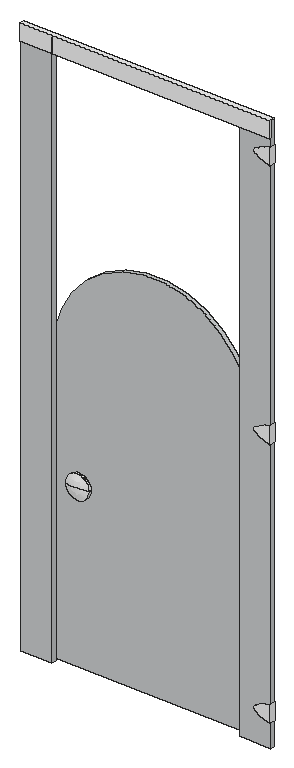
Revit family "NBS_ConceptCubicleSystems_PnlCbclSym_Juno", category Specialty Equipment, Revit 2019
Family settings
  Round Connector Dimension = Use Diameter
  Part Type = Normal
  Work Plane-Based = No
  Always vertical = Yes
  Cut with Voids When Loaded = No
  Shared = No
  Room Calculation Point = No
Parameters (values of type "WallEndEndCubicle")
  WarrantyStartDate [instance] = "1900-12-31T23:59:59"
  WarrantyGuarantorParts = "n/a"
  WarrantyGuarantorLabor = "n/a"
  WarrantyDurationUnit = "year"
  WarrantyDurationParts = "n/a"
  WarrantyDurationLabor = "n/a"
  WarrantyDescription = "n/a"
  Version = "3"  # constant formula
  Uniclass2015Version = "Systems v1.17"
  Uniclass2015Title = "Panel cubicle systems"
  Uniclass2015Code = "Ss_25_12_60_60"
  TagNumber [instance] = "n/a"
  SystemManufacturer = "Concept Cubicle Systems"
  SustainabilityPerformance = "n/a"
  SupportHeight [instance] = if(PartitionUndercut < 2 mm, 2 mm, PartitionUndercut)  # 150 mm
  Style = "Cubicle"
  Status = "UNSET"
  Size = "1500 x 1950 mm"
  ShowCubicleLocationLines [instance] = yes
  Shape = "n/a"
  SerialNumber [instance] = "n/a"
  RightOpenOut [instance] = and(OpenOut, ReversedDoorSwing)  # no
  RightOpenIn [instance] = and(OpenIn, ReversedDoorSwing)  # yes
  Revision = "n/a"
  ReverseDoorSwing [instance] = no
  ReplacementCost = "n/a"
  Reference = "n/a"
  RailOffsetRight [instance] = if(or(IsWallEndFirstCubicle, IsWallEndEndCubicle, IsWallToWallSingleCubicle, IsFirstCubicle, IsMiddleCubicle), PanelThickness / 2, 0 mm)  # 6.25 mm
  RailOffsetLeft [instance] = if(or(IsEndCubicle, IsWallEndEndCubicle, IsWallEndFirstCubicle, IsWallEndSingleCubicle, IsWallToWallSingleCubicle, IsMiddleCubicle), PanelThickness / 2, 0 mm)  # 6.25 mm
  ProductInformation = "https://www.conceptcubiclesystems.co.uk/education/cubicles/juno"
  PilasterWidthLatchSide [instance] = CubicleWidth - ClearOpeningWidth - PilasterWidthHingeSide  # 100 mm
  PilasterRightWidth [instance] = if(HasDoorCentrePosition, (CubicleWidth - ClearOpeningWidth) / 2, if(ReversedDoorSwing, PilasterWidthHingeSide, PilasterWidthLatchSide))  # 100 mm
  PilasterPanelReturnRight = if(HasPilasterPanelReturnRight, PanelThickness / 2, 0 mm)  # 0 mm
  PilasterPanelReturnLeft = if(HasPilasterPanelReturnLeft, PanelThickness / 2, 0 mm)  # 0 mm
  PilasterMaterial = NBS_ConceptCubicleSystems_G029_GrisTourterelle-Grey
  PilasterLeftWidth [instance] = if(HasDoorCentrePosition, (CubicleWidth - ClearOpeningWidth) / 2, if(ReverseDoorSwing, PilasterWidthHingeSide, PilasterWidthLatchSide))  # 100 mm
  PartitionMaterial = NBS_ConceptCubicleSystems_G029_GrisTourterelle-Grey
  PartitionUndercut [instance] = 150 mm
  PartitionDualLowerHeight [instance] = 1200 mm
  Panels = "12 mm compact grade laminate"
  PanelThickness = 12.5 mm  # constant formula
  PilasterUndercut [instance] = 150 mm
  PanelSupports = "150 mm"
  OpenOut [instance] = not(OpenIn)  # no
  OpenIn [instance] = yes
  NominalWidth [instance] = CubicleWidth  # 800 mm
  NominalLength [instance] = CubicleWidth  # 800 mm
  NominalHeight [instance] = CubicleHeight  # 1950 mm
  NominalDepth [instance] = CubicleDepth  # 1500 mm
  Name = "PanelCubicleSystem_Juno_WallEndEndCubicle_ConceptCubicleSystems"
  NBSReference = "25-05-60/160"
  NBSDescription = "Panel cubicle system"
  NBSCertification = "www.nationalbimlibrary.com/cert/i0ywudck"
  ModelReference = "Juno Washroom Cubicles"
  ModelNumber = "n/a"
  Material = "Compact Grade Laminate"
  ManufacturerURL = "www.conceptcubiclesystems.co.uk"
  ManufacturerName = "Concept Cubicle Systems"  # constant formula
  Manufacturer = "sales@conceptcubiclesystems.co.uk"
  MainColor = "n/a"
  LeftOpenOut [instance] = and(OpenOut, ReverseDoorSwing)  # no
  LeftOpenIn [instance] = and(OpenIn, ReverseDoorSwing)  # no
  ReversedDoorSwing [instance] = not(ReverseDoorSwing)  # yes
  IsWallEndSingleCubicle = no
  IsWallEndFirstCubicle = no
  IsWallEndEndCubicle = yes
  IsSingleCubicle = no
  IsWallToWallSingleCubicle = no
  PilasterWidthHingeSide [instance] = 100 mm
  IsMiddleCubicle = no
  IsFirstCubicle = no
  IsEndCubicle = no
  IsBuiltIn = yes
  InstallationDate [instance] = "1900-12-31T23:59:59"
  IfcExportType = "USERDEFINED"  # constant formula
  IfcExportAs = "IfcFurnitureType"  # constant formula
  HasPilasterPanelReturnRight = or(IsSingleCubicle, IsEndCubicle, IsWallEndSingleCubicle)  # no
  HasPilasterPanelReturnLeft = or(IsSingleCubicle, IsFirstCubicle)  # no
  HasPartitionRight = not(or(IsWallToWallSingleCubicle, IsWallEndEndCubicle))  # no
  HasPartitionLeft = or(IsSingleCubicle, IsFirstCubicle)  # no
  HasFittingsRight = or(IsWallToWallSingleCubicle, IsWallEndEndCubicle)  # yes
  HasFittingsLeft = or(IsWallToWallSingleCubicle, IsWallEndSingleCubicle, IsWallEndFirstCubicle)  # no
  HasDoorCentrePosition [instance] = yes
  Grade = "n/a"
  Fittings = "Satin anodised aluminium"
  FittingOffset [instance] = if(PartitionUndercut > PilasterUndercut, PartitionUndercut + 100 mm, PilasterUndercut + 100 mm)  # 250 mm
  FittingMaterial = NBS_ConceptCubicleSystems_SatinAnodisedAluminium
  Finish = "n/a"
  Features = "Black core with a radiused edge, satin anodised aluminium bolt through Ironmongery, vandel and water resistant, anti-trap hinges, shaped doors and partitions"
  ExpectedLife = "n/a"
  DurationUnit = "year"
  DoorSwingCalc [instance] = if(OpenOut, (PanelThickness / 2) + ClearOpeningWidth + 76 mm, 0 mm)  # 0 mm
  DoorSwing [instance] = if(OpenIn, (PanelThickness / 2) + ClearOpeningWidth + 76 mm, 0 mm)  # 682.25 mm
  DoorLeafMaterial = NBS_ConceptCubicleSystems_G029_GrisTourterelle-Grey
  DoorLeafHeight [instance] = 1200 mm
  DoorLeafUndercut [instance] = 150 mm
  Description = "Juno washroom cubicles"
  CubicleWidth [instance] = 800 mm
  CubicleHeight [instance] = 1950 mm
  CubicleDepth [instance] = 1500 mm
  Constituents = "n/a"
  Color = "Over 50 colour combination, contact manufacturer for details"
  CodePerformance = "n/a"
  ClearOpeningWidth [instance] = 600 mm
  ClearOpeningHeight [instance] = CubicleHeight - 50 mm  # 1900 mm
  Category = "Ss_25_12_60_60:Panel cubicle systems"
  BarCode [instance] = "n/a"
  BIMObjectName = "NBS_ConceptCubicleSystems_PanelCubicleSystem_Juno_WallEndEndCubicle"
  Author = "NBS"  # constant formula
  AssetType = "Fixed"
  AssetIdentifier [instance] = "n/a"
  Application = "Junior school education sectors"
  AccessibilityPerformance = "n/a"
Types (9, lengths in mm): name | ShowCubicleLocationLines | RailOffsetRight | RailOffsetLeft | PilasterPanelReturnRight | PilasterPanelReturnLeft | Name | IsWallEndSingleCubicle | IsWallEndFirstCubicle | IsWallEndEndCubicle | IsSingleCubicle | IsWallToWallSingleCubicle | IsMiddleCubicle | IsFirstCubicle | IsEndCubicle | HasPilasterPanelReturnRight | HasPilasterPanelReturnLeft | HasPartitionRight | HasPartitionLeft | HasFittingsRight | HasFittingsLeft | BIMObjectName
  (no name) | no | 0 | 0 | 6.25 | 6.25 | "PanelCubicleSystem_Juno_SingleCubicle_ConceptCubicleSystems" | no | no | no | yes | no | no | no | no | yes | yes | yes | yes | no | no | "NBS_ConceptCubicleSystems_PanelCubicleSystem_Juno_SingleCubicle"
  SingleCubicle | no | 0 | 0 | 6.25 | 6.25 | "PanelCubicleSystem_Juno_SingleCubicle_ConceptCubicleSystems" | no | no | no | yes | no | no | no | no | yes | yes | yes | yes | no | no | "NBS_ConceptCubicleSystems_PanelCubicleSystem_Juno_SingleCubicle"
  WallToWallSingleCubicle | yes | 6.25 | 6.25 | 0 | 0 | "PanelCubicleSystem_Juno_WallToWallSingleCubicle_ConceptCubicleSystems" | no | no | no | no | yes | no | no | no | no | no | no | no | yes | yes | "NBS_ConceptCubicleSystems_PanelCubicleSystem_Juno_WallToWallSingleCubicle"
  EndCubicle | yes | 0 | 6.25 | 6.25 | 0 | "PanelCubicleSystem_Juno_EndCubicle_ConceptCubicleSystems" | no | no | no | no | no | no | no | yes | yes | no | yes | no | no | no | "NBS_ConceptCubicleSystems_PanelCubicleSystem_Juno_EndCubicle"
  FirstCubicle | yes | 6.25 | 0 | 0 | 6.25 | "PanelCubicleSystem_Juno_FirstCubicle_ConceptCubicleSystems" | no | no | no | no | no | no | yes | no | no | yes | yes | yes | no | no | "NBS_ConceptCubicleSystems_PanelCubicleSystem_Juno_FirstCubicle"
  WallEndFirstCubicle | yes | 6.25 | 6.25 | 0 | 0 | "PanelCubicleSystem_Juno_WallEndFirstCubicle_ConceptCubicleSystems" | no | yes | no | no | no | no | no | no | no | no | yes | no | no | yes | "NBS_ConceptCubicleSystems_PanelCubicleSystem_Juno_WallEndFirstCubicle"
  WallEndSingleCubicle | yes | 0 | 6.25 | 6.25 | 0 | "PanelCubicleSystem_Juno_WallEndSingleCubicle_ConceptCubicleSystems" | yes | no | no | no | no | no | no | no | yes | no | yes | no | no | yes | "NBS_ConceptCubicleSystems_PanelCubicleSystem_Juno_WallEndSingleCubicle"
  MiddleCubicle | yes | 6.25 | 6.25 | 0 | 0 | "PanelCubicleSystem_Juno_MiddleCubicle_ConceptCubicleSystems" | no | no | no | no | no | yes | no | no | no | no | yes | no | no | no | "NBS_ConceptCubicleSystems_PanelCubicleSystem_Juno_MiddleCubicle"
  WallEndEndCubicle | yes | 6.25 | 6.25 | 0 | 0 | "PanelCubicleSystem_Juno_WallEndEndCubicle_ConceptCubicleSystems" | no | no | yes | no | no | no | no | no | no | no | no | no | yes | no | "NBS_ConceptCubicleSystems_PanelCubicleSystem_Juno_WallEndEndCubicle"
Reference planes
  plane 1 "Back": y = 0
  plane 2: z = 0
  plane 3 "Center (Left/Right)": x = 0
  plane 4 "Front": y = -1512.5
  plane 5 "PilasterBack": y = -1500
  plane 6 "CubicleLeft": x = -400
  plane 7 "CubicleRight": x = 400
  plane 8 "LeftPartitionExternal": x = -406.25
  plane 9 "LeftPartitionInternal": x = -393.75
  plane 10 "RightPartitionExternal": x = 406.25
  plane 11 "RightPartitionInternal": x = 393.75
  plane 12 "ClearOpeningLeft": x = -300
  plane 13 "ClearOpeningRight": x = 300
  plane 14 "PilasterLeft": x = -400
  plane 15 "PilasterRight": x = 400
  plane 16 "DoorSwing": y = -824
  plane 17 "DoorSwingCalc": y = -1506.25
  plane 18 "PilasterCentre": y = -1506.25
  plane 19 "Top": z = 1950
  plane 20: z = 1850
  plane 21 "PartitionFitting": z = 310
  plane 22: z = 1050
  plane 23 "PartitionElevation": z = 150
  plane 24 "Leg": y = -1423
  plane 25 "Support": z = 175
  plane 26 "Left": x = -400
  plane 27 "Right": x = 400
  plane 28 "PilasterElevation": z = 150
  plane 29 "PilasterFitting": z = 250
  plane 30 "Fitting": z = 250
  plane 31 "PartitionDualLower": z = 1350
  plane 32: z = 1100
Forms (mm)
  Extrusion 1, solid, material "NBS_ConceptCubicleSystems_G029_GrisTourterelle-Grey" <- "PilasterMaterial", detail levels medium+fine
    sketch origin (0, 0, 0) x (1, 0, 0) y (0, 1, 0)
      loop
        line (-400, -1500) -> (-400, -1512.5) -> (-300, -1512.5) -> (-300, -1500) -> (-400, -1500)
    from 150 to 1950
  Extrusion 2, solid, material "NBS_ConceptCubicleSystems_G029_GrisTourterelle-Grey" <- "PilasterMaterial", detail levels medium+fine
    sketch origin (0, 0, 0) x (1, 0, 0) y (0, 1, 0)
      loop
        line (300, -1500) -> (300, -1512.5) -> (400, -1512.5) -> (400, -1500) -> (300, -1500)
    from 150 to 1950
  Revolve 3, solid, material "NBS_ConceptCubicleSystems_SatinAnodisedAluminium" <- "FittingMaterial", visible <- "HasPartitionLeft", detail levels fine
    sketch origin (0, -1423, 0) x (-1, 0, 0) y (0, 0, 1)
      loop
        line (400, 0) -> (430, 0) -> (430, 87.5) -> (422, 87.5) -> (422, 175)
        arc (422, 175) -> (415.556, 190.556) -> (400, 197) r 22
        line (400, 197) -> (400, 0)
      axis (400, 197) -> (400, 0)
    angle from 0 to 360
  Revolve 4, solid, material "NBS_ConceptCubicleSystems_SatinAnodisedAluminium" <- "FittingMaterial", visible <- "HasPartitionRight", detail levels fine
    sketch origin (0, -1423, 0) x (-1, 0, 0) y (0, 0, 1)
      loop
        line (-400, 0) -> (-370, 0) -> (-370, 87.5) -> (-378, 87.5) -> (-378, 175)
        arc (-378, 175) -> (-384.444, 190.556) -> (-400, 197) r 22
        line (-400, 197) -> (-400, 0)
      axis (-400, 197) -> (-400, 0)
    angle from 0 to 360
  Extrusion 5, solid, material "NBS_ConceptCubicleSystems_SatinAnodisedAluminium" <- "FittingMaterial", visible <- "HasPartitionLeft", detail levels coarse+medium
    sketch origin (0, 0, 0) x (1, 0, 0) y (0, 1, 0)
      loop
        circle (-400, -1423) r 22
    from 0 to 150 <- "SupportHeight"
  Extrusion 6, solid, material "NBS_ConceptCubicleSystems_SatinAnodisedAluminium" <- "FittingMaterial", visible <- "HasPartitionRight", detail levels coarse+medium
    sketch origin (0, 0, 0) x (1, 0, 0) y (0, 1, 0)
      loop
        circle (400, -1423) r 22
    from 0 to 150 <- "SupportHeight"
  Extrusion 7, solid, material "NBS_ConceptCubicleSystems_G029_GrisTourterelle-Grey" <- "PilasterMaterial", detail levels coarse
    sketch origin (0, 0, 0) x (1, 0, 0) y (0, 1, 0)
      loop
        line (-400, -1500) -> (-400, -1512.5) -> (-300, -1512.5) -> (-300, -1500) -> (-400, -1500)
    from 150 to 1950
  Extrusion 8, solid, material "NBS_ConceptCubicleSystems_G029_GrisTourterelle-Grey" <- "PilasterMaterial", detail levels coarse
    sketch origin (0, 0, 0) x (1, 0, 0) y (0, 1, 0)
      loop
        line (300, -1500) -> (300, -1512.5) -> (400, -1512.5) -> (400, -1500) -> (300, -1500)
    from 150 to 1950
  Sweep 9, solid, material "NBS_ConceptCubicleSystems_SatinAnodisedAluminium" <- "FittingMaterial", detail levels medium+fine
    path origin (0, 0, 1950) x (0, 1, 0) y (-1, 0, 0)
      loop
        line (-1512.5, 400) -> (-1512.5, -400)
    profile origin (0, -1512.5, 1950) x (0, 1, 0) y (0, 0, 1)
      loop
        line (0, 0) -> (12.5, 0) -> (12.5, 3) -> (-3, 3) -> (-3, -48) -> (0, -48) -> (0, 0)
  Extrusion 10, solid, material "NBS_ConceptCubicleSystems_G029_GrisTourterelle-Grey" <- "PartitionMaterial", visible <- "HasPartitionLeft", detail levels medium+fine
    sketch origin (0, 0, 0) x (0, 1, 0) y (0, 0, 1)
      loop
        arc (-1054.243, 1834.575) -> (-1107.161, 1917.657) -> (-1200.204, 1950) r 150
        line (-1200.204, 1950) -> (-1500, 1950) -> (-1500, 150) -> (0, 150) -> (0, 1350) -> (-820.838, 1350)
        arc (-820.838, 1350) -> (-913.88, 1382.343) -> (-966.798, 1465.425) r 150
        line (-966.798, 1465.425) -> (-1054.243, 1834.575)
    from -393.75 to -406.25
  Extrusion 11, solid, material "NBS_ConceptCubicleSystems_G029_GrisTourterelle-Grey" <- "PartitionMaterial", visible <- "HasPartitionRight", detail levels medium+fine
    sketch origin (0, 0, 0) x (0, 1, 0) y (0, 0, 1)
      loop
        line (0, 1350) -> (-820.838, 1350)
        arc (-820.838, 1350) -> (-913.88, 1382.343) -> (-966.798, 1465.425) r 150
        line (-966.798, 1465.425) -> (-1054.243, 1834.575)
        arc (-1054.243, 1834.575) -> (-1107.161, 1917.657) -> (-1200.204, 1950) r 150
        line (-1200.204, 1950) -> (-1500, 1950) -> (-1500, 150) -> (0, 150) -> (0, 1350)
    from 393.75 to 406.25
  Extrusion 12, solid, material "NBS_ConceptCubicleSystems_G029_GrisTourterelle-Grey" <- "PartitionMaterial", visible <- "HasPartitionLeft", detail levels coarse
    sketch origin (0, 0, 0) x (0, 1, 0) y (0, 0, 1)
      loop
        line (0, 1350) -> (-820.838, 1350)
        arc (-820.838, 1350) -> (-913.88, 1382.343) -> (-966.798, 1465.425) r 150
        line (-966.798, 1465.425) -> (-1054.243, 1834.575)
        arc (-1054.243, 1834.575) -> (-1107.161, 1917.657) -> (-1200.204, 1950) r 150
        line (-1200.204, 1950) -> (-1500, 1950) -> (-1500, 150) -> (0, 150) -> (0, 1350)
    from -406.25 to -393.75
  Extrusion 13, solid, material "NBS_ConceptCubicleSystems_G029_GrisTourterelle-Grey" <- "PartitionMaterial", visible <- "HasPartitionRight", detail levels coarse
    sketch origin (0, 0, 0) x (0, 1, 0) y (0, 0, 1)
      loop
        line (-1200.204, 1950) -> (-1500, 1950) -> (-1500, 150) -> (0, 150) -> (0, 1350) -> (-820.838, 1350)
        arc (-820.838, 1350) -> (-913.88, 1382.343) -> (-966.798, 1465.425) r 150
        line (-966.798, 1465.425) -> (-1054.243, 1834.575)
        arc (-1054.243, 1834.575) -> (-1107.161, 1917.657) -> (-1200.204, 1950) r 150
    from 393.75 to 406.25
Lines and regions (mm)
  symbolic lines, visible <- "HasPartitionLeft", detail levels coarse
    curve 1: line (-400, 0, 0) -> (-400, -1500, 0)
  symbolic lines, detail levels coarse
    curve 2: line (-300, -1500, 0) -> (-400, -1500, 0)
    curve 3: line (300, -1500, 0) -> (400, -1500, 0)
  symbolic lines, visible <- "HasPartitionRight", detail levels coarse
    curve 4: line (400, -1500, 0) -> (400, 0, 0)
  symbolic lines, style "SpecialityEquipmentHiddenLines", visible <- "ShowCubicleLocationLines"
    curve 5: line (400, -1500, 0) -> (400, 0, 0)
    curve 6: line (-400, 0, 0) -> (-400, -1500, 0)
Dimensions and locks
  "PanelThickness": plane 5 "PilasterBack" to plane 4 "Front"
  "CubicleDepth": plane 5 "PilasterBack" to plane 1 "Back"
  equal spacing: plane 6 "CubicleLeft", plane 3 "Center (Left/Right)", plane 7 "CubicleRight"
  "CubicleWidth": plane 6 "CubicleLeft" to plane 7 "CubicleRight"
  equal spacing: plane 8 "LeftPartitionExternal", plane 6 "CubicleLeft", plane 9 "LeftPartitionInternal"
  "PanelThickness": plane 8 "LeftPartitionExternal" to plane 9 "LeftPartitionInternal"
  equal spacing: plane 11 "RightPartitionInternal", plane 7 "CubicleRight", plane 10 "RightPartitionExternal"
  "PanelThickness": plane 11 "RightPartitionInternal" to plane 10 "RightPartitionExternal"
  "DoorSwing": plane 16 "DoorSwing" to plane 17 "DoorSwingCalc"
  equal spacing: plane 5 "PilasterBack", plane 18 "PilasterCentre", plane 4 "Front"
  "DoorSwingCalc": plane 18 "PilasterCentre" to plane 17 "DoorSwingCalc"
  "CubicleHeight": plane 19 "Top" to level
  locked: plane 19 "Top" to plane 20 at 100
  "PartitionUndercut": plane 23 "PartitionElevation" to level
  locked: plane 21 "PartitionFitting" to plane 23 "PartitionElevation" at 160
  equal spacing: plane 19 "Top", plane 22, plane 23 "PartitionElevation"
  locked: plane 24 "Leg" to plane 5 "PilasterBack" at 77
  locked: plane 6 "CubicleLeft" to Revolve 3 sketch curve at 30
  locked: plane 6 "CubicleLeft" to Revolve 3 sketch curve at 22
  locked: Revolve 4 sketch curve to plane 7 "CubicleRight" at 30
  locked: Revolve 4 sketch curve to plane 7 "CubicleRight" at 22
  "PilasterRightWidth": plane 13 "ClearOpeningRight" to plane 7 "CubicleRight"
  "PilasterLeftWidth": plane 6 "CubicleLeft" to plane 12 "ClearOpeningLeft"
  "PilasterPanelReturnLeft": plane 14 "PilasterLeft" to plane 6 "CubicleLeft"
  "PilasterPanelReturnRight": plane 7 "CubicleRight" to plane 15 "PilasterRight"
  "RailOffsetLeft": plane 8 "LeftPartitionExternal" to Sweep 9 sketch curve
  "RailOffsetRight": Sweep 9 sketch curve to plane 10 "RightPartitionExternal"
  locked: plane 25 "Support" to plane 23 "PartitionElevation" at 25
  equal spacing: plane 25 "Support", Revolve 3 sketch curve, level
  equal spacing: plane 25 "Support", Revolve 4 sketch curve, level
  "PilasterUndercut": plane 28 "PilasterElevation" to level
  locked: plane 29 "PilasterFitting" to plane 28 "PilasterElevation" at 100
  "FittingOffset": plane 30 "Fitting" to level
  "PartitionDualLowerHeight": plane 31 "PartitionDualLower" to plane 23 "PartitionElevation"
  locked: plane 31 "PartitionDualLower" to plane 32 at 250
  locked: Extrusion 11 sketch curve to plane 31 "PartitionDualLower" at 150
  locked: Extrusion 10 sketch curve to plane 31 "PartitionDualLower" at 150
  locked: Extrusion 12 sketch curve to plane 31 "PartitionDualLower" at 150
  locked: Extrusion 13 sketch curve to plane 31 "PartitionDualLower" at 150
  locked: plane 19 "Top" to Extrusion 12 sketch curve at 150
  locked: Extrusion 12 sketch curve to plane 5 "PilasterBack" at 299.796
  locked: plane 19 "Top" to Extrusion 13 sketch curve at 150
  locked: Extrusion 13 sketch curve to plane 5 "PilasterBack" at 299.796
  locked: plane 19 "Top" to Extrusion 10 sketch curve at 150
  locked: Extrusion 10 sketch curve to plane 5 "PilasterBack" at 299.796
  locked: Extrusion 11 sketch curve to plane 5 "PilasterBack" at 299.796
  locked: plane 19 "Top" to Extrusion 11 sketch curve at 150
  locked: plane 31 "PartitionDualLower" to Extrusion 10 sketch curve (angle 76.6734°)
  locked: plane 31 "PartitionDualLower" to Extrusion 11 sketch curve (angle 76.6734°)
  locked: plane 31 "PartitionDualLower" to Extrusion 13 sketch curve (angle 76.6734°)
  locked: plane 31 "PartitionDualLower" to Extrusion 12 sketch curve (angle 76.6734°)
  aligned and locked: level to plane 2
  aligned and locked: Extrusion 1 sketch curve to plane 14 "PilasterLeft"
  aligned and locked: Extrusion 1 sketch curve to plane 12 "ClearOpeningLeft"
  aligned and locked: Extrusion 1 sketch curve to plane 4 "Front"
  aligned and locked: Extrusion 1 sketch curve to plane 5 "PilasterBack"
  aligned and locked: plane 13 "ClearOpeningRight" to Extrusion 2 sketch curve
  aligned and locked: plane 15 "PilasterRight" to Extrusion 2 sketch curve
  aligned and locked: Extrusion 2 sketch curve to plane 5 "PilasterBack"
  aligned and locked: Extrusion 2 sketch curve to plane 4 "Front"
  aligned and locked: nested 1 to plane 13 "ClearOpeningRight"
  aligned and locked: nested 2 to plane 12 "ClearOpeningLeft"
  aligned and locked: plane 5 "PilasterBack" to nested 2
  aligned and locked: nested 4 to plane 12 "ClearOpeningLeft"
  aligned and locked: plane 4 "Front" to nested 4
  aligned and locked: nested 3 to plane 13 "ClearOpeningRight"
  aligned and locked: nested 3 to plane 4 "Front"
  aligned and locked: plane 19 "Top" to Extrusion 1
  aligned and locked: plane 19 "Top" to Extrusion 2
  aligned and locked: plane 1 "Back" to nested 5
  aligned and locked: plane 1 "Back" to nested 6
  aligned and locked: plane 6 "CubicleLeft" to nested 6
  aligned and locked: plane 6 "CubicleLeft" to nested 5
  aligned and locked: plane 1 "Back" to nested 7
  aligned and locked: plane 1 "Back" to nested 8
  aligned and locked: nested 7 to plane 7 "CubicleRight"
  aligned and locked: nested 8 to plane 7 "CubicleRight"
  aligned and locked: plane 5 "PilasterBack" to nested 9
  aligned and locked: plane 5 "PilasterBack" to nested 10
  aligned and locked: plane 5 "PilasterBack" to nested 11
  aligned and locked: plane 7 "CubicleRight" to nested 9
  aligned and locked: plane 7 "CubicleRight" to nested 10
  aligned and locked: plane 7 "CubicleRight" to nested 11
  aligned and locked: plane 5 "PilasterBack" to nested 15
  aligned and locked: plane 5 "PilasterBack" to nested 16
  aligned and locked: plane 5 "PilasterBack" to nested 17
  aligned and locked: nested 15 to plane 6 "CubicleLeft"
  aligned and locked: nested 16 to plane 6 "CubicleLeft"
  aligned and locked: nested 17 to plane 6 "CubicleLeft"
  aligned and locked: nested 14 to plane 18 "PilasterCentre"
  aligned and locked: nested 13 to plane 18 "PilasterCentre"
  aligned and locked: nested 12 to plane 18 "PilasterCentre"
  aligned and locked: plane 15 "PilasterRight" to nested 14
  aligned and locked: plane 15 "PilasterRight" to nested 13
  aligned and locked: plane 15 "PilasterRight" to nested 12
  aligned and locked: plane 20 to nested 17
  aligned and locked: plane 20 to nested 14
  aligned and locked: plane 21 "PartitionFitting" to nested 6
  aligned and locked: plane 22 to nested 15
  aligned and locked: plane 22 to nested 12
  aligned and locked: plane 20 to nested 11
  aligned and locked: plane 22 to nested 10
  aligned and locked: plane 21 "PartitionFitting" to nested 7
  aligned and locked: Revolve 3 sketch curve to plane 6 "CubicleLeft"  (x2)
  aligned and locked: plane 7 "CubicleRight" to Revolve 4 sketch curve
  aligned and locked: Revolve 4 sketch curve to plane 7 "CubicleRight"
  aligned and locked: plane 24 "Leg" to Extrusion 5 sketch curve
  aligned and locked: plane 6 "CubicleLeft" to Extrusion 5 sketch curve
  aligned and locked: plane 24 "Leg" to Extrusion 6 sketch curve
  aligned and locked: plane 7 "CubicleRight" to Extrusion 6 sketch curve
  aligned and locked: Extrusion 7 sketch curve to plane 5 "PilasterBack"
  aligned and locked: Extrusion 7 sketch curve to plane 4 "Front"
  aligned and locked: Extrusion 7 sketch curve to plane 14 "PilasterLeft"
  aligned and locked: Extrusion 7 sketch curve to plane 12 "ClearOpeningLeft"
  aligned and locked: plane 13 "ClearOpeningRight" to Extrusion 8 sketch curve
  aligned and locked: plane 15 "PilasterRight" to Extrusion 8 sketch curve
  aligned and locked: Extrusion 8 sketch curve to plane 5 "PilasterBack"
  aligned and locked: Extrusion 8 sketch curve to plane 4 "Front"
  aligned and locked: plane 19 "Top" to Extrusion 7
  aligned and locked: plane 19 "Top" to Extrusion 8
  aligned and locked: plane 1 "Back" to curve 4
  aligned and locked: curve 3 to plane 5 "PilasterBack"
  aligned and locked: plane 13 "ClearOpeningRight" to curve 3
  aligned and locked: plane 12 "ClearOpeningLeft" to curve 2
  aligned and locked: plane 5 "PilasterBack" to curve 2
  aligned and locked: curve 1 to plane 6 "CubicleLeft"
  aligned and locked: Sweep 9 sketch curve to plane 4 "Front"
  aligned and locked: plane 18 "PilasterCentre" to nested 20
  aligned and locked: plane 18 "PilasterCentre" to nested 19
  aligned and locked: plane 18 "PilasterCentre" to nested 18
  aligned and locked: plane 14 "PilasterLeft" to nested 20
  aligned and locked: plane 14 "PilasterLeft" to nested 18
  aligned and locked: plane 14 "PilasterLeft" to nested 19
  aligned and locked: plane 20 to nested 20
  aligned and locked: plane 22 to nested 19
  aligned and locked: nested 1 to plane 5 "PilasterBack"
  aligned and locked: plane 26 "Left" to plane 6 "CubicleLeft"
  aligned and locked: plane 27 "Right" to plane 7 "CubicleRight"
  aligned and locked: curve 5 to plane 7 "CubicleRight"
  aligned and locked: plane 1 "Back" to curve 5
  aligned and locked: plane 5 "PilasterBack" to curve 5
  aligned and locked: curve 6 to plane 6 "CubicleLeft"
  aligned and locked: plane 1 "Back" to curve 6
  aligned and locked: plane 5 "PilasterBack" to curve 6
  aligned and locked: plane 25 "Support" to Revolve 3 sketch curve
  aligned and locked: plane 25 "Support" to Revolve 4 sketch curve
  aligned and locked: plane 6 "CubicleLeft" to curve 2
  aligned and locked: Extrusion 8 to plane 28 "PilasterElevation"
  aligned and locked: Extrusion 2 to plane 28 "PilasterElevation"
  aligned and locked: Extrusion 7 to plane 28 "PilasterElevation"
  aligned and locked: Extrusion 1 to plane 28 "PilasterElevation"
  aligned and locked: plane 29 "PilasterFitting" to nested 18
  aligned and locked: plane 29 "PilasterFitting" to nested 13
  aligned and locked: plane 30 "Fitting" to nested 16
  aligned and locked: plane 30 "Fitting" to nested 9
  aligned and locked: plane 32 to nested 5
  aligned and locked: plane 32 to nested 8
  aligned and locked: plane 19 "Top" to Extrusion 10 sketch curve
  aligned and locked: plane 31 "PartitionDualLower" to Extrusion 10 sketch curve
  aligned and locked: plane 1 "Back" to Extrusion 10 sketch curve
  aligned and locked: plane 23 "PartitionElevation" to Extrusion 10 sketch curve
  aligned and locked: plane 5 "PilasterBack" to Extrusion 10 sketch curve
  aligned and locked: plane 1 "Back" to Extrusion 11 sketch curve
  aligned and locked: plane 19 "Top" to Extrusion 11 sketch curve
  aligned and locked: plane 5 "PilasterBack" to Extrusion 11 sketch curve
  aligned and locked: plane 23 "PartitionElevation" to Extrusion 11 sketch curve
  aligned and locked: plane 31 "PartitionDualLower" to Extrusion 11 sketch curve
  aligned and locked: Extrusion 11 to plane 10 "RightPartitionExternal"
  aligned and locked: Extrusion 11 to plane 11 "RightPartitionInternal"
  aligned and locked: Extrusion 10 to plane 8 "LeftPartitionExternal"
  aligned and locked: Extrusion 10 to plane 9 "LeftPartitionInternal"
  aligned and locked: Sweep 9 sketch curve to plane 5 "PilasterBack"
  aligned and locked: plane 31 "PartitionDualLower" to Extrusion 12 sketch curve
  aligned and locked: plane 1 "Back" to Extrusion 12 sketch curve
  aligned and locked: plane 19 "Top" to Extrusion 12 sketch curve
  aligned and locked: plane 5 "PilasterBack" to Extrusion 12 sketch curve
  aligned and locked: plane 23 "PartitionElevation" to Extrusion 12 sketch curve
  aligned and locked: plane 19 "Top" to Extrusion 13 sketch curve
  aligned and locked: plane 5 "PilasterBack" to Extrusion 13 sketch curve
  aligned and locked: plane 31 "PartitionDualLower" to Extrusion 13 sketch curve
  aligned and locked: plane 1 "Back" to Extrusion 13 sketch curve
  aligned and locked: plane 23 "PartitionElevation" to Extrusion 13 sketch curve
  aligned and locked: Extrusion 12 to plane 9 "LeftPartitionInternal"
  aligned and locked: Extrusion 12 to plane 8 "LeftPartitionExternal"
  aligned and locked: Extrusion 13 to plane 11 "RightPartitionInternal"
  aligned and locked: Extrusion 13 to plane 10 "RightPartitionExternal"
Automatic sketch dimensions
  Revolve 3 sketch curve to level = 0 mm
  Revolve 3 sketch curve to level = 304.8 mm
  plane 19 "Top" to Revolve 3 sketch curve = 488.4 mm
  Revolve 4 sketch curve to level = 0 mm
  Revolve 4 sketch curve to level = 304.8 mm
  plane 19 "Top" to Revolve 4 sketch curve = 488.4 mm
  plane 1 "Back" to curve 1 = 0 mm
  Sweep 9 sketch curve to profile plane = 0 mm
  Sweep 9 sketch curve to plane 19 "Top" = 0 mm
  Sweep 9 sketch curve to plane 19 "Top" = 48 mm
  plane 19 "Top" to Sweep 9 sketch curve = 3 mm
  profile plane to Sweep 9 sketch curve = 3 mm
  radius of Extrusion 5 sketch curve = 22 mm
  radius of Extrusion 6 sketch curve = 22 mm
Nested families
  nested 1: "NBS_ConceptCubicleSystems_PnlCbclSym_Juno_DoorLeaf" at (0, -1500, 0), visible <- "RightOpenIn", type "Door"
  nested 2: "NBS_ConceptCubicleSystems_PnlCbclSym_Juno_DoorLeaf" at (0, -1500, 0) x (-1, 0, 0) z (0, 0, 1), visible <- "LeftOpenIn", type "Door"
  nested 3: "NBS_ConceptCubicleSystems_PnlCbclSym_Juno_DoorLeaf" at (0, -1512.5, 0), visible <- "RightOpenOut", type "Door"
  nested 4: "NBS_ConceptCubicleSystems_PnlCbclSym_Juno_DoorLeaf" at (0, -1512.5, 0) x (-1, 0, 0) z (0, 0, 1), visible <- "LeftOpenOut", type "Door"
  nested 5: "NBS_ConceptCubicleSystems_PnlCbclSym_Fitting_Type1" at (-400, 0, 1100), visible <- "HasPartitionLeft", type "NBS_ConceptCubicleSystems_PnlCbclSym_Fitting_Type1", detail levels fine
  nested 6: "NBS_ConceptCubicleSystems_PnlCbclSym_Fitting_Type1" at (-400, 0, 310), visible <- "HasPartitionLeft", type "NBS_ConceptCubicleSystems_PnlCbclSym_Fitting_Type1", detail levels fine
  nested 7: "NBS_ConceptCubicleSystems_PnlCbclSym_Fitting_Type1" at (400, 0, 310), visible <- "HasPartitionRight", type "NBS_ConceptCubicleSystems_PnlCbclSym_Fitting_Type1", detail levels fine
  nested 8: "NBS_ConceptCubicleSystems_PnlCbclSym_Fitting_Type1" at (400, 0, 1100), visible <- "HasPartitionRight", type "NBS_ConceptCubicleSystems_PnlCbclSym_Fitting_Type1", detail levels fine
  nested 9: "NBS_ConceptCubicleSystems_PnlCbclSym_Fitting_Type1" at (400, -1500, 250) x (-1, 0, 0) z (0, 0, 1), visible <- "HasPartitionRight", type "NBS_ConceptCubicleSystems_PnlCbclSym_Fitting_Type1", detail levels fine
  nested 10: "NBS_ConceptCubicleSystems_PnlCbclSym_Fitting_Type1" at (400, -1500, 1050) x (-1, 0, 0) z (0, 0, 1), visible <- "HasPartitionRight", type "NBS_ConceptCubicleSystems_PnlCbclSym_Fitting_Type1", detail levels fine
  nested 11: "NBS_ConceptCubicleSystems_PnlCbclSym_Fitting_Type1" at (400, -1500, 1850) x (-1, 0, 0) z (0, 0, 1), visible <- "HasPartitionRight", type "NBS_ConceptCubicleSystems_PnlCbclSym_Fitting_Type1", detail levels fine
  nested 12: "NBS_ConceptCubicleSystems_PnlCbclSym_Fitting_Type1" at (400, -1506.25, 1050) x (0, -1, 0) z (0, 0, 1), visible <- "HasFittingsRight", type "NBS_ConceptCubicleSystems_PnlCbclSym_Fitting_Type1", detail levels fine
  nested 13: "NBS_ConceptCubicleSystems_PnlCbclSym_Fitting_Type1" at (400, -1506.25, 250) x (0, -1, 0) z (0, 0, 1), visible <- "HasFittingsRight", type "NBS_ConceptCubicleSystems_PnlCbclSym_Fitting_Type1", detail levels fine
  nested 14: "NBS_ConceptCubicleSystems_PnlCbclSym_Fitting_Type1" at (400, -1506.25, 1850) x (0, -1, 0) z (0, 0, 1), visible <- "HasFittingsRight", type "NBS_ConceptCubicleSystems_PnlCbclSym_Fitting_Type1", detail levels fine
  nested 15: "NBS_ConceptCubicleSystems_PnlCbclSym_Fitting_Type1" at (-400, -1500, 1050) x (-1, 0, 0) z (0, 0, 1), visible <- "HasPartitionLeft", type "NBS_ConceptCubicleSystems_PnlCbclSym_Fitting_Type1", detail levels fine
  nested 16: "NBS_ConceptCubicleSystems_PnlCbclSym_Fitting_Type1" at (-400, -1500, 250) x (-1, 0, 0) z (0, 0, 1), visible <- "HasPartitionLeft", type "NBS_ConceptCubicleSystems_PnlCbclSym_Fitting_Type1", detail levels fine
  nested 17: "NBS_ConceptCubicleSystems_PnlCbclSym_Fitting_Type1" at (-400, -1500, 1850) x (-1, 0, 0) z (0, 0, 1), visible <- "HasPartitionLeft", type "NBS_ConceptCubicleSystems_PnlCbclSym_Fitting_Type1", detail levels fine
  nested 18: "NBS_ConceptCubicleSystems_PnlCbclSym_Fitting_Type1" at (-400, -1506.25, 250) x (0, 1, 0) z (0, 0, 1), visible <- "HasFittingsLeft", type "NBS_ConceptCubicleSystems_PnlCbclSym_Fitting_Type1", detail levels fine
  nested 19: "NBS_ConceptCubicleSystems_PnlCbclSym_Fitting_Type1" at (-400, -1506.25, 1050) x (0, 1, 0) z (0, 0, 1), visible <- "HasFittingsLeft", type "NBS_ConceptCubicleSystems_PnlCbclSym_Fitting_Type1", detail levels fine
  nested 20: "NBS_ConceptCubicleSystems_PnlCbclSym_Fitting_Type1" at (-400, -1506.25, 1850) x (0, 1, 0) z (0, 0, 1), visible <- "HasFittingsLeft", type "NBS_ConceptCubicleSystems_PnlCbclSym_Fitting_Type1", detail levels fine
Definition of nested family "NBS_ConceptCubicleSystems_PnlCbclSym_Juno_DoorLeaf"
  Parameters (values of type "Door")
    OpenOut = not(OpenIn)  # no
    OpenIn = yes
    OccupancyIndicatorMaterial = none
    DoorRadius = DoorLeafWidth / 2  # 323 mm
    DoorLeafWidth = ClearOpeningWidth + 46 mm  # 646 mm
    DoorLeafThickness = 12.5 mm
    DoorLeafOffset = 12 mm  # constant formula
    DoorLeafMaterial = none
    DoorLeafHeight = 1200 mm
    DoorLeafElevation = 150 mm
    ClearOpeningWidth = 600 mm
  Reference planes
    plane 1 "Pilaster": y = 0
    plane 2: z = 0
    plane 3 "Center (Left/Right)": x = 0
    plane 4 "Left": x = -318
    plane 5 "Right": x = 328
    plane 6 "DoorFront": y = 12
    plane 7 "DoorBack": y = 24.5
    plane 8 "PilasterLeft": x = -300
    plane 9 "PilasterRight": x = 300
    plane 10 "HingeLR": x = 337
    plane 11 "HingeFB": y = 21
    plane 12 "DoorFrontOpen": y = 30
    plane 13 "DoorBackOpen": y = 676
    plane 14 "DoorRightOpen": x = 340.5
    plane 15 "DoorLeftOpen": x = 328
    plane 16 "LockLR": x = -233
    plane 17 "Lock": z = 670
    plane 18 "Top": z = 1350
    plane 19 "DoorBottom": z = 150
    plane 20: z = 588.5
    plane 21: z = 1027
  Forms (mm)
    Revolve 1, solid, material <- "OccupancyIndicatorMaterial", visible <- "OpenIn", detail levels medium+fine
      sketch origin (0, 0, 670) x (-1, 0, 0) y (0, -1, 0)
        loop
          line (233, -12) -> (270.5, -12) -> (270.5, -5.5)
          arc (270.5, -5.5) -> (252.03, -0.637) -> (233, 1) r 111.423
          line (233, 1) -> (233, -12)
        axis (233, -12) -> (233, 1)
      angle from 0 to 360
    Revolve 2, solid, material <- "OccupancyIndicatorMaterial", visible <- "OpenOut", detail levels medium+fine
      sketch origin (0, 0, 670) x (-1, 0, 0) y (0, -1, 0)
        loop
          line (233, -24.5) -> (233, -37.5)
          arc (233, -37.5) -> (252.276, -35.863) -> (271, -31) r 114.327
          line (271, -31) -> (271, -24.5) -> (233, -24.5)
        axis (233, -37.5) -> (233, -24.5)
      angle from 0 to 360
    Extrusion 3, solid, material <- "DoorLeafMaterial"
      sketch origin (0, 0, 0) x (1, 0, 0) y (0, 0, 1)
        loop
          line (-318, 1027) -> (-318, 150) -> (328, 150) -> (328, 1027)
          arc (328, 1027) -> (5, 1350) -> (-318, 1027) r 323
      from -24.5 to -12
  Lines and regions (mm)
    Masking region 1, detail levels medium+fine
      outline origin (0, 0, 0) x (1, 0, 0) y (0, 1, 0)
        loop
          line (328, 676) -> (328, 30) -> (340.5, 30) -> (340.5, 676) -> (328, 676)
    symbolic lines
      curve 1: arc (-318, 24.5, 0) -> (-123.68, 486.63, 0) -> (340.5, 676, 0) r 655.009
      curve 3: line (-318, 0, 150) -> (328, 0, 588.5)
      curve 4: line (328, 0, 588.5) -> (-318, 0, 1027)
    symbolic lines, detail levels coarse
      curve 2: line (340.5, 30, 0) -> (340.5, 676, 0)
  Dimensions and locks
    "DoorLeafOffset": plane 1 "Pilaster" to plane 6 "DoorFront"
    "DoorLeafThickness": plane 7 "DoorBack" to plane 6 "DoorFront"
    locked: plane 4 "Left" to plane 8 "PilasterLeft" at 18
    locked: plane 9 "PilasterRight" to plane 5 "Right" at 28
    equal spacing: plane 8 "PilasterLeft", plane 3 "Center (Left/Right)", plane 9 "PilasterRight"
    "ClearOpeningWidth": plane 8 "PilasterLeft" to plane 9 "PilasterRight"
    locked: plane 9 "PilasterRight" to plane 10 "HingeLR" at 37
    locked: plane 1 "Pilaster" to plane 11 "HingeFB" at 21
    locked: plane 12 "DoorFrontOpen" to plane 11 "HingeFB" at 9
    "DoorLeafWidth": plane 13 "DoorBackOpen" to plane 12 "DoorFrontOpen"
    locked: plane 15 "DoorLeftOpen" to plane 10 "HingeLR" at 9
    "DoorLeafThickness": plane 15 "DoorLeftOpen" to plane 14 "DoorRightOpen"
    locked: plane 8 "PilasterLeft" to plane 16 "LockLR" at 67
    locked: Revolve 1 sketch curve to plane 16 "LockLR" at 37.5
    locked: plane 6 "DoorFront" to Revolve 1 sketch curve at 13
    locked: plane 6 "DoorFront" to Revolve 1 sketch curve at 6.5
    locked: plane 17 "Lock" to level at 670
    "DoorLeafElevation": plane 19 "DoorBottom" to level
    locked: Revolve 2 sketch curve to plane 7 "DoorBack" at 6.5
    locked: Revolve 2 sketch curve to plane 16 "LockLR" at 38
    locked: Revolve 2 sketch curve to plane 7 "DoorBack" at 13
    "DoorLeafHeight": plane 18 "Top" to plane 19 "DoorBottom"
    "DoorRadius": plane 18 "Top" to plane 21
    equal spacing: plane 21, plane 20, plane 19 "DoorBottom"
    aligned and locked: level to plane 2
    aligned and locked: Masking region 1 sketch curve to plane 15 "DoorLeftOpen"
    aligned and locked: Masking region 1 sketch curve to plane 14 "DoorRightOpen"
    aligned and locked: Masking region 1 sketch curve to plane 13 "DoorBackOpen"
    aligned and locked: Masking region 1 sketch curve to plane 12 "DoorFrontOpen"
    aligned and locked: plane 11 "HingeFB" to curve 1
    aligned and locked: plane 10 "HingeLR" to curve 1
    aligned and locked: plane 13 "DoorBackOpen" to curve 2
    aligned and locked: plane 12 "DoorFrontOpen" to curve 2
    aligned and locked: curve 2 to plane 14 "DoorRightOpen"
    aligned and locked: Revolve 1 sketch curve to plane 16 "LockLR"  (x2)
    aligned and locked: plane 6 "DoorFront" to Revolve 1 sketch curve
    aligned and locked: plane 7 "DoorBack" to Revolve 2 sketch curve
    aligned and locked: plane 16 "LockLR" to Revolve 2 sketch curve
    aligned and locked: Revolve 2 sketch curve to plane 16 "LockLR"
    aligned and locked: plane 19 "DoorBottom" to curve 3
    aligned and locked: plane 4 "Left" to curve 3
    aligned and locked: plane 15 "DoorLeftOpen" to curve 4
    aligned and locked: plane 20 to curve 4
    aligned and locked: plane 4 "Left" to curve 4
    aligned and locked: Extrusion 3 sketch curve to plane 4 "Left"
    aligned and locked: Extrusion 3 sketch curve to plane 15 "DoorLeftOpen"
    aligned and locked: Extrusion 3 sketch curve to plane 19 "DoorBottom"
    aligned and locked: plane 7 "DoorBack" to Extrusion 3
    aligned and locked: Extrusion 3 to plane 6 "DoorFront"
    aligned and locked: plane 21 to curve 4
    aligned and locked: plane 21 to Extrusion 3 sketch curve
  Automatic sketch dimensions
    curve 1 to plane 4 "Left" = 0 mm
    Revolve 1 sketch curve to Revolve 1 sketch curve = 16.101 mm
    Revolve 1 sketch curve to Revolve 1 sketch curve = 61.569 mm
    Revolve 2 sketch curve to Revolve 2 sketch curve = 56.822 mm
    Revolve 2 sketch curve to Revolve 2 sketch curve = 14.258 mm
Definition of nested family "NBS_ConceptCubicleSystems_PnlCbclSym_Fitting_Type1"
  Parameters (values of type "NBS_ConceptCubicleSystems_PnlCbclSym_Force_Fitting")
    FittingMaterial = none
  Reference planes
    plane 1 "Center (Front/Back)": y = 0
    plane 2: z = 0
    plane 3 "Center (Left/Right)": x = 0
  Forms (mm)
    Extrusion 1, solid, material <- "FittingMaterial"
      sketch origin (0, 0, 0) x (0, 1, 0) y (0, 0, 1)
        loop
          arc (-47.371, 7.328) -> (-51.146, 0) -> (-47.371, -7.328) r 9
          arc (-47.371, -7.328) -> (-24.803, -19.826) -> (0, -26.916) r 113.721
          line (0, -26.916) -> (0, 26.916)
          arc (0, 26.916) -> (-24.803, 19.826) -> (-47.371, 7.328) r 113.721
      from -8.5 to 8.5
    Extrusion 2, void
      sketch origin (0, 0, 0) x (1, 0, 0) y (0, 1, 0)
        loop
          line (6.25, -4) -> (-6.25, -4) -> (-6.25, -52.661) -> (6.25, -52.661) -> (6.25, -4)
      from -30 to 30
  Cuts and joins
    Extrusion 2 cuts Extrusion 1
  Dimensions and locks
    aligned and locked: level to plane 2
    aligned and locked: plane 1 "Center (Front/Back)" to Extrusion 1 sketch curve
